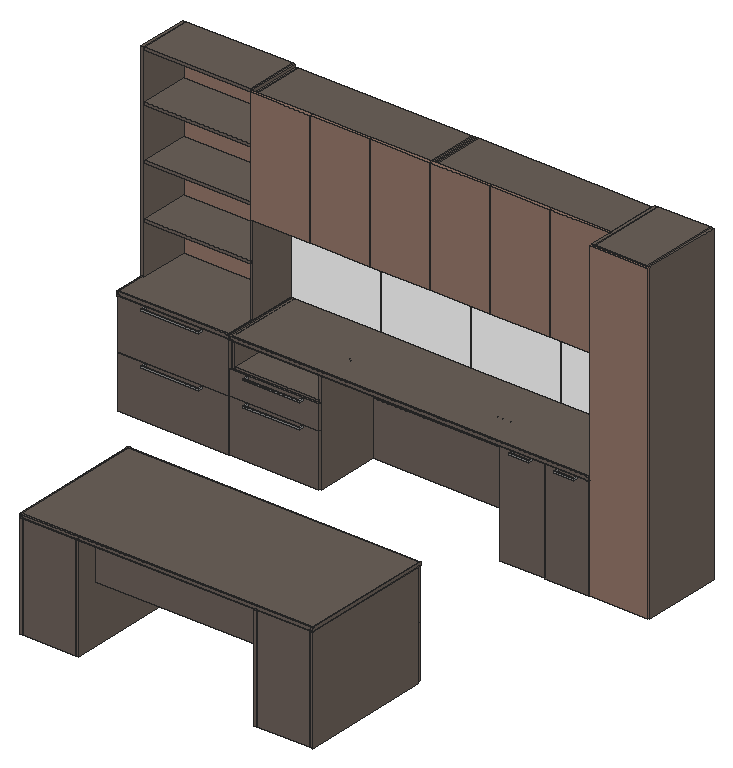
Revit family "OFS TYPICAL T100077", category Furniture, Revit 2022 (continued)
Definition of nested family "STAKS LATERAL FILE WITH TOP Two Drawers"
  Dimensions and locks (in)
    aligned and locked: Extrusion 4 to plane 16
    aligned and locked: plane 16 to Extrusion 3
    aligned and locked: Extrusion 3 to plane 11
    aligned and locked: Extrusion 4 to plane 17
    aligned and locked: Extrusion 1 sketch curve to plane 12
    aligned and locked: plane 13 to Extrusion 1 sketch curve
    aligned and locked: plane 19 to Extrusion 4
    aligned and locked: plane 3 to Extrusion 3
    aligned and locked: Extrusion 6 to plane 22
    aligned and locked: Extrusion 5 to plane 22
    aligned and locked: plane 23 to Extrusion 6
    aligned and locked: plane 23 to Extrusion 5
    aligned and locked: plane 21 to Extrusion 6
    aligned and locked: plane 21 to Extrusion 5
    aligned and locked: Extrusion 6 to plane 20
    aligned and locked: Extrusion 5 to plane 20
    aligned and locked: plane 24 to Extrusion 6
    aligned and locked: plane 7 to Extrusion 5
    aligned and locked: Extrusion 5 to plane 9
    aligned and locked: plane 3 to Extrusion 4
    aligned and locked: Extrusion 1 to plane 26
    aligned and locked: Extrusion 7 to plane 19
    aligned and locked: plane 3 to Extrusion 7
    aligned and locked: Extrusion 7 to plane 6
    aligned and locked: plane 3 to Extrusion 8
    aligned and locked: Extrusion 8 to plane 10
    aligned and locked: plane 28 to Extrusion 9
    aligned and locked: Extrusion 9 to plane 6
    aligned and locked: Extrusion 9 to plane 27
    aligned and locked: plane 12 to Extrusion 9
    aligned and locked: plane 19 to Extrusion 9
    aligned and locked: Extrusion 9 to plane 16
    aligned and locked: plane 3 to Extrusion 2
    aligned and locked: plane 8 to Extrusion 6
    aligned and locked: Extrusion 6 to plane 10
    aligned and locked: Extrusion 8 to plane 27
    aligned and locked: plane 12 to Extrusion 8
    aligned and locked: Extrusion 10 to plane 14
    aligned and locked: plane 15 to Extrusion 10
    aligned and locked: Extrusion 10 to plane 30
    aligned and locked: plane 31 to Extrusion 10
  Automatic sketch dimensions
    Extrusion 1 sketch curve to plane 26 = 0' - 0"
    Extrusion 1 sketch curve to plane 5 = 0' - 0"
    Extrusion 2 sketch curve to plane 13 = 0' - 0"
    Extrusion 2 sketch curve to plane 4 = 0' - 0"
    Extrusion 2 sketch curve to plane 12 = 0' - 0"
    Extrusion 3 sketch curve to plane 6 = 0' - 0"
    Extrusion 3 sketch curve to plane 11 = 0' - 0"
    Extrusion 3 sketch curve to plane 3 = 0' - 0"
    Extrusion 3 sketch curve to plane 16 = 0' - 0"
    Extrusion 4 sketch curve to plane 6 = 0' - 0"
    Extrusion 4 sketch curve to plane 3 = 0' - 0"
    Extrusion 4 sketch curve to plane 17 = 0' - 0"
    plane 27 to Extrusion 4 sketch curve = 0' - 0"
    plane 13 to Extrusion 5 sketch curve = 0' - 0"  (x2)
    Extrusion 5 sketch curve to plane 20 = 0' - 0"
    Extrusion 5 sketch curve to plane 21 = 0' - 0"
    Extrusion 5 sketch curve to plane 23 = 0' - 0"
    Extrusion 5 sketch curve to plane 22 = 0' - 0"
    plane 25 to Extrusion 5 sketch curve = 0' - 0"
    plane 24 to Extrusion 5 sketch curve = 0' - 0"
    plane 13 to Extrusion 6 sketch curve = 0' - 0"  (x2)
    Extrusion 6 sketch curve to plane 20 = 0' - 0"
    Extrusion 6 sketch curve to plane 21 = 0' - 0"
    Extrusion 6 sketch curve to plane 23 = 0' - 0"
    Extrusion 6 sketch curve to plane 22 = 0' - 0"
    plane 25 to Extrusion 6 sketch curve = 0' - 0"
    plane 24 to Extrusion 6 sketch curve = 0' - 0"
    plane 12 to Extrusion 7 sketch curve = 0' - 0"
    Extrusion 7 sketch curve to plane 18 = 0' - 0"
    plane 17 to Extrusion 7 sketch curve = 0' - 0"
    Extrusion 8 sketch curve to plane 10 = 0' - 0"
    Extrusion 8 sketch curve to plane 16 = 0' - 0"
    Extrusion 8 sketch curve to plane 3 = 0' - 0"
    Extrusion 8 sketch curve to plane 19 = 0' - 0"
    plane 14 to Extrusion 9 sketch curve = 0' - 0 9/16"
    Extrusion 9 sketch curve to plane 6 = 0' - 0"
    plane 6 to Extrusion 9 sketch curve = 0' - 0 3/4"
    Extrusion 9 sketch curve to plane 19 = 0' - 0"
    plane 4 to Extrusion 2 sketch curve = 1' - 1 1/2"
    plane 17 to Extrusion 10 sketch curve = 0' - 0 3/16"
    plane 12 to Extrusion 10 sketch curve = 0' - 0 9/16"
    plane 11 to Extrusion 10 sketch curve = 0' - 0 3/16"
    Extrusion 10 sketch curve to plane 18 = 0' - 0 3/16"
    profile plane to Sweep 11 sketch curve = 0' - 0 3/16"
    profile plane to Sweep 11 sketch curve = 0' - 0 3/32"
    Sweep 11 sketch curve to profile plane = 0' - 1 1/8"
    Sweep 11 sketch curve to profile plane = 0' - 0"  (x2)
    profile plane to Sweep 11 sketch curve = 0' - 0.09407"
Definition of nested family "STAKS WORKSURFACE HEIGHT PEDESTAL - BOX-BOX-FILE - NO RISER SUPPORT"
  Parameters (values of type "STAKS WORKSURFACE HEIGHT PEDESTAL - BOX-BOX-FILE - NO RISER SUPPORT 19in D")
    URL = "http://www.ofs.com/"
    Riser Support = 0' - 0"
    Model = "6-NW1619MPD1"
    Manufacturer = "OFS"
    Height = 2' - 3 7/8"
    Drawer Material = none
    Drawer Handle Width = 0' - 5 7/16"
    Drawer Handle Material = none
    Description = "OFS STAKS WORKSURFACE HEIGHT PEDESTAL - BOX-BOX-FILE - NO RISER SUPPORT 19\" D, Two Box Drawers, Use with 22\"D Worksurfaces"
    Width = 1' - 3 5/8"
    Depth = 1' - 7 3/8"
    Default Elevation = 0' - 0"
    DH2 = 0' - 6 1/2"
    DH1 = 1' - 2 3/8"
    Copyright © = "© 2018 OFS"
    Chasis Material = none
    Catalog = "https://ofs.com/products/casegoods/private-office/staks"
    Board Thickness = 0' - 0 3/4"
    Authoring Version = "Autodesk Revit Architecture 2013"
    Assembly Code = "E2020200"
  Types (6): name | Model | Description | Depth
    STAKS WORKSURFACE HEIGHT PEDESTAL - BOX-BOX-FILE - NO RISER SUPPORT 19in D | "6-NW1619MPD1" | "OFS STAKS WORKSURFACE HEIGHT PEDESTAL - BOX-BOX-FILE - NO RISER SUPPORT 19\" D, Two Box Drawers, Use with 22\"D Worksurfaces" | 1' - 7 3/8"
    STAKS WORKSURFACE HEIGHT PEDESTAL - BOX-BOX-FILE - NO RISER SUPPORT 22in D | "6-NW1622MPD1" | "OFS STAKS WORKSURFACE HEIGHT PEDESTAL - BOX-BOX-FILE - NO RISER SUPPORT 22\" D, Two Box Drawers, Use with 22\"D Worksurfaces" | 1' - 9 7/8"
    STAKS WORKSURFACE HEIGHT PEDESTAL - BOX-BOX-FILE - NO RISER SUPPORT 27in D | "6-NW1627MPD1" | "OFS STAKS WORKSURFACE HEIGHT PEDESTAL - BOX-BOX-FILE - NO RISER SUPPORT 27\" D, Two Box Drawers, Use with 30\"D Worksurfaces" | 2' - 3 3/8"
    STAKS WORKSURFACE HEIGHT PEDESTAL - BOX-BOX-FILE - NO RISER SUPPORT 30in D | "6-NW1630MPD1" | "OFS STAKS WORKSURFACE HEIGHT PEDESTAL - BOX-BOX-FILE - NO RISER SUPPORT 30\" D, Two Box Drawers, Use with 30\"D Worksurfaces" | 2' - 5 7/8"
    STAKS WORKSURFACE HEIGHT PEDESTAL - BOX-BOX-FILE - NO RISER SUPPORT 33in D | "6-NW1633MPD1" | "OFS STAKS WORKSURFACE HEIGHT PEDESTAL - BOX-BOX-FILE - NO RISER SUPPORT 33\" D, Two Box Drawers, Use with 36\"D Worksurfaces" | 2' - 9 3/8"
    STAKS WORKSURFACE HEIGHT PEDESTAL - BOX-BOX-FILE - NO RISER SUPPORT 36in D | "6-NW1636MPD1" | "OFS STAKS WORKSURFACE HEIGHT PEDESTAL - BOX-BOX-FILE - NO RISER SUPPORT 36\" D, Two Box Drawers, Use with 36\"D Worksurfaces" | 2' - 11 7/8"
  Reference planes (in)
    plane 1: z = 0
    plane 2 "Right": x = 20.97711
    plane 3: z = 27.875
    plane 4: z = 14.375
    plane 5: z = 14.25
    plane 6: z = 0
    plane 7: z = 14
    plane 8: z = 27.625
    plane 9: z = 13.531
    plane 10: z = 27.15625
    plane 11: x = 13.16461
    plane 12: y = 1.37535
    plane 13: y = 0.62535
    plane 14: x = 13.22711
    plane 15: x = 28.72661
    plane 16: x = 13.91461
    plane 17: y = 20.00035
    plane 18: x = 28.78961
    plane 19: x = 28.03961
    plane 20: x = 18.25836
    plane 21: x = 18.63336
    plane 22: x = 23.69586
    plane 23: x = 23.32086
    plane 24: y = -0.18715
    plane 25: y = -0.37465
    plane 26: z = 20.875
    plane 27: z = 20.75
    plane 28: z = 20.5
    plane 29: z = 20.031
    plane 30: z = 0.25
    plane 31: y = 19.25035
    plane 32: z = 0.75
    plane 33: y = 16.75035
    plane 34: y = 4.37535
    plane 35: y = 8.37535
    plane 36: y = 12.75035
    plane 37: y = 5.00035
    plane 38: y = 13.37535
    plane 39: z = 28
  Forms (in)
    Extrusion 1, solid, material <- "Drawer Material"
      sketch origin (20.35211, 5, -13.1802) x (0, 1, 0) y (0, 0, 1)
        loop
          line (-4.37465, 27.4302) -> (-4.37465, 13.4302) -> (-3.62465, 13.4302) -> (-3.62465, 27.4302) -> (-4.37465, 27.4302)
      from -7.125 to 8.3745
    Extrusion 2, solid, material <- "Drawer Material"
      sketch origin (20.35211, 2.25, -7.68015) x (0, 1, 0) y (0, 0, 1)
        loop
          line (-1.62465, 28.43015) -> (-1.62465, 22.05515) -> (-0.87465, 22.05515) -> (-0.87465, 28.43015) -> (-1.62465, 28.43015)
      from -7.125 to 8.3745
    Extrusion 3, solid, material <- "Chasis Material"
      sketch origin (-3, -1.24965, 0) x (1, 0, 0) y (0, 0, 1)
        loop
          line (16.16461, 0) -> (16.91461, 0) -> (16.91461, 27.875) -> (16.16461, 27.875) -> (16.16461, 0)
      from -21.25 to -2.625
    Extrusion 4, solid, material <- "Chasis Material"
      sketch origin (19.35211, 31.02324, 0) x (0, 1, 0) y (0, 0, 1)
        loop
          line (-11.77289, 0) -> (-11.02289, 0) -> (-11.02289, 27.875) -> (-11.77289, 27.875) -> (-11.77289, 0)
      from -5.4375 to 8.6875
    Extrusion 5, solid, material <- "Drawer Handle Material"
      sketch origin (9, 0, 9.60933) x (1, 0, 0) y (0, 1, 0)
        loop
          line (9.25836, 0.62535) -> (9.25836, -0.37465) -> (14.69586, -0.37465) -> (14.69586, 0.62535) -> (14.32086, 0.62535) -> (14.32086, -0.18715) -> (9.63336, -0.18715) -> (9.63336, 0.62535) -> (9.25836, 0.62535)
      from 3.92167 to 4.39067
    Extrusion 6, solid, material <- "Drawer Handle Material"
      sketch origin (9, 0, 20.67137) x (1, 0, 0) y (0, 1, 0)
        loop
          line (9.25836, 0.62535) -> (9.25836, -0.37465) -> (14.69586, -0.37465) -> (14.69586, 0.62535) -> (14.32086, 0.62535) -> (14.32086, -0.18715) -> (9.63336, -0.18715) -> (9.63336, 0.62535) -> (9.25836, 0.62535)
      from -0.64037 to -0.17137
    Extrusion 7, solid, material <- "Chasis Material"
      sketch origin (0, 0, 0) x (1, 0, 0) y (0, 1, 0)
        loop
          line (28.78961, 20.00035) -> (28.03961, 20.00035) -> (28.03961, 1.37535) -> (28.78961, 1.37535) -> (28.78961, 20.00035)
      from 0 to 27.875
    Extrusion 8, solid, material <- "Drawer Material"
      sketch origin (20.35211, 2.25, 0.06985) x (0, 1, 0) y (0, 0, 1)
        loop
          line (-1.62465, 27.80515) -> (-1.62465, 20.80515) -> (-0.87465, 20.80515) -> (-0.87465, 27.80515) -> (-1.62465, 27.80515)
      from -7.125 to 8.3745
    Extrusion 9, solid, material <- "Drawer Handle Material"
      sketch origin (9, 0, 28.42137) x (1, 0, 0) y (0, 1, 0)
        loop
          line (9.25836, 0.62535) -> (9.25836, -0.37465) -> (14.69586, -0.37465) -> (14.69586, 0.62535) -> (14.32086, 0.62535) -> (14.32086, -0.18715) -> (9.63336, -0.18715) -> (9.63336, 0.62535) -> (9.25836, 0.62535)
      from -1.26512 to -0.79637
    Extrusion 10, solid, material <- "Chasis Material"
      sketch origin (-29.79592, -1.62465, 7.24693) x (1, 0, 0) y (0, 0, 1)
        loop
          line (43.71054, 19.90932) -> (57.83554, 19.90932) -> (57.83554, 20.62807) -> (43.71054, 20.62807) -> (43.71054, 19.90932)
      from -18.375 to -14.375
    Extrusion 11, solid, material <- "Chasis Material"
      sketch origin (-29.79592, -7.12465, 7.24693) x (1, 0, 0) y (0, 0, 1)
        loop
          line (43.71054, 19.90932) -> (57.83554, 19.90932) -> (57.83554, 20.62807) -> (43.71054, 20.62807) -> (43.71054, 19.90932)
      from -15.5 to -11.5
    Extrusion 12, solid, material <- "Chasis Material"
      sketch origin (-31.5409, -1.62465, -42.72261) x (1, 0, 0) y (0, 0, 1)
        loop
          line (45.45551, 42.72261) -> (59.58051, 42.72261) -> (59.58051, 43.47261) -> (45.45551, 43.47261) -> (45.45551, 42.72261)
      from -20.875 to -3
    Extrusion 13, solid
      sketch origin (0, 0, 0) x (1, 0, 0) y (0, 1, 0)
        loop
          line (28.72661, 20.00035) -> (28.03961, 20.00035) -> (28.03961, 13.37535) -> (13.91461, 13.37535) -> (13.91461, 20.00035) -> (13.22711, 20.00035) -> (13.22711, 0.62535) -> (13.91461, 0.62535) -> (13.91461, 4.37535) -> (28.03961, 4.37535) -> (28.03961, 0.62535) -> (28.72661, 0.62535) -> (28.72661, 20.00035)
        loop
          line (28.03961, 5.00035) -> (28.03961, 12.75035) -> (13.91461, 12.75035) -> (13.91461, 5.00035) -> (28.03961, 5.00035)
      from 27.875 to 28
  Dimensions and locks (in)
    "Board Thickness": plane 13 to plane 12
    locked: plane 11 to plane 14 at 0.0625
    "Board Thickness": plane 11 to plane 16
    locked: plane 15 to plane 18 at 0.063
    "Width": plane 11 to plane 18
    Extrusion 7 sketch curve to plane 18 = 0' - 0 3/4"
    "Board Thickness": plane 19 to plane 18
    equal spacing: plane 11, plane 2 "Right", plane 18
    locked: plane 20 to plane 21 at 0.375
    locked: plane 23 to plane 22 at 0.375
    equal spacing: plane 20, plane 2 "Right", plane 22
    "Drawer Handle Width": plane 20 to plane 22
    plane 25 to plane 24 to plane 13 = 0' - 0 3/16" locked, 0' - 0 13/16" locked
    "Riser Support": plane 6 to level
    "Height": plane 3 to plane 6
    "DH1": plane 4 to plane 6
    "DH2": plane 26 to plane 4
    locked: plane 30 to plane 6 at 0.25
    "Board Thickness": plane 31 to plane 17
    "Depth": plane 13 to plane 17
    plane 4 to plane 5 to plane 7 to plane 9 = 0' - 0 1/8" locked, 0' - 0 1/4" locked, 0' - 0.469" locked
    plane 26 to plane 27 to plane 28 to plane 29 = 0' - 0 1/8" locked, 0' - 0 1/4" locked, 0' - 0.469" locked
    plane 3 to plane 8 to plane 10 = 0' - 0 1/4" locked, 0' - 0 15/32" locked
    "Board Thickness": plane 32 to plane 6
    plane 12 to plane 34 to plane 35 = 0' - 3" locked, 0' - 4" locked
    plane 36 to plane 33 to plane 31 = 0' - 4" locked, 0' - 2 1/2" locked
    locked: plane 34 to plane 37 at 0.625
    locked: plane 36 to plane 38 at 0.625
    locked: plane 39 to plane 3 at 0.125
    aligned and locked: level to plane 1
    aligned and locked: Extrusion 1 to plane 14
    aligned and locked: plane 15 to Extrusion 1
    aligned and locked: Extrusion 2 to plane 12
    aligned and locked: plane 13 to Extrusion 2
    aligned and locked: plane 15 to Extrusion 2
    aligned and locked: Extrusion 2 to plane 14
    aligned and locked: plane 12 to Extrusion 3
    aligned and locked: Extrusion 3 to plane 17
    aligned and locked: Extrusion 4 to plane 16
    aligned and locked: plane 16 to Extrusion 3
    aligned and locked: Extrusion 3 to plane 11
    aligned and locked: Extrusion 4 to plane 17
    aligned and locked: Extrusion 1 sketch curve to plane 12
    aligned and locked: plane 13 to Extrusion 1 sketch curve
    aligned and locked: plane 19 to Extrusion 4
    aligned and locked: plane 3 to Extrusion 3
    aligned and locked: Extrusion 6 to plane 22
    aligned and locked: Extrusion 5 to plane 22
    aligned and locked: plane 23 to Extrusion 6
    aligned and locked: plane 23 to Extrusion 5
    aligned and locked: plane 21 to Extrusion 6
    aligned and locked: plane 21 to Extrusion 5
    aligned and locked: Extrusion 6 to plane 20
    aligned and locked: Extrusion 5 to plane 20
    aligned and locked: plane 24 to Extrusion 6
    aligned and locked: plane 7 to Extrusion 5
    aligned and locked: Extrusion 5 to plane 9
    aligned and locked: plane 3 to Extrusion 4
    aligned and locked: plane 27 to Extrusion 2
    aligned and locked: Extrusion 6 to plane 29
    aligned and locked: plane 28 to Extrusion 6
    aligned and locked: Extrusion 1 to plane 30
    aligned and locked: Extrusion 8 to plane 26
    aligned and locked: plane 3 to Extrusion 8
    aligned and locked: Extrusion 9 to plane 10
    aligned and locked: plane 8 to Extrusion 9
    aligned and locked: Extrusion 7 to plane 19
    aligned and locked: Extrusion 8 to plane 14
    aligned and locked: plane 15 to Extrusion 8
    aligned and locked: plane 3 to Extrusion 7
    aligned and locked: Extrusion 7 to plane 6
    aligned and locked: plane 3 to Extrusion 10
    aligned and locked: Extrusion 10 to plane 10
    aligned and locked: plane 19 to Extrusion 10
    aligned and locked: Extrusion 10 to plane 16
    aligned and locked: Extrusion 10 to plane 33
    aligned and locked: plane 36 to Extrusion 10
    aligned and locked: plane 34 to Extrusion 11
    aligned and locked: Extrusion 11 to plane 35
    aligned and locked: plane 3 to Extrusion 11
    aligned and locked: Extrusion 11 to plane 10
    aligned and locked: plane 32 to Extrusion 12
    aligned and locked: Extrusion 12 to plane 6
    aligned and locked: Extrusion 12 to plane 31
    aligned and locked: plane 12 to Extrusion 12
    aligned and locked: plane 19 to Extrusion 12
    aligned and locked: Extrusion 12 to plane 16
    aligned and locked: Extrusion 13 to plane 3
    aligned and locked: plane 39 to Extrusion 13
  Automatic sketch dimensions
    Extrusion 1 sketch curve to plane 30 = 0' - 0"
    Extrusion 1 sketch curve to plane 5 = 0' - 0"
    Extrusion 2 sketch curve to plane 13 = 0' - 0"
    Extrusion 2 sketch curve to plane 4 = 0' - 0"
    Extrusion 2 sketch curve to plane 12 = 0' - 0"
    Extrusion 2 sketch curve to plane 27 = 0' - 0"
    Extrusion 3 sketch curve to plane 6 = 0' - 0"
    Extrusion 3 sketch curve to plane 11 = 0' - 0"
    Extrusion 3 sketch curve to plane 3 = 0' - 0"
    Extrusion 3 sketch curve to plane 16 = 0' - 0"
    Extrusion 4 sketch curve to plane 6 = 0' - 0"
    Extrusion 4 sketch curve to plane 3 = 0' - 0"
    Extrusion 4 sketch curve to plane 17 = 0' - 0"
    plane 31 to Extrusion 4 sketch curve = 0' - 0"
    plane 13 to Extrusion 5 sketch curve = 0' - 0"  (x2)
    Extrusion 5 sketch curve to plane 20 = 0' - 0"
    Extrusion 5 sketch curve to plane 21 = 0' - 0"
    Extrusion 5 sketch curve to plane 23 = 0' - 0"
    Extrusion 5 sketch curve to plane 22 = 0' - 0"
    plane 25 to Extrusion 5 sketch curve = 0' - 0"
    plane 24 to Extrusion 5 sketch curve = 0' - 0"
    plane 13 to Extrusion 6 sketch curve = 0' - 0"  (x2)
    Extrusion 6 sketch curve to plane 20 = 0' - 0"
    Extrusion 6 sketch curve to plane 21 = 0' - 0"
    Extrusion 6 sketch curve to plane 23 = 0' - 0"
    Extrusion 6 sketch curve to plane 22 = 0' - 0"
    plane 25 to Extrusion 6 sketch curve = 0' - 0"
    plane 24 to Extrusion 6 sketch curve = 0' - 0"
    plane 12 to Extrusion 7 sketch curve = 0' - 0"
    Extrusion 7 sketch curve to plane 18 = 0' - 0"
    plane 17 to Extrusion 7 sketch curve = 0' - 0"
    Extrusion 8 sketch curve to plane 3 = 0' - 0"
    Extrusion 8 sketch curve to plane 13 = 0' - 0"
    Extrusion 8 sketch curve to plane 12 = 0' - 0"
    Extrusion 8 sketch curve to plane 26 = 0' - 0"
    plane 13 to Extrusion 9 sketch curve = 0' - 0"  (x2)
    Extrusion 9 sketch curve to plane 20 = 0' - 0"
    Extrusion 9 sketch curve to plane 21 = 0' - 0"
    Extrusion 9 sketch curve to plane 23 = 0' - 0"
    Extrusion 9 sketch curve to plane 22 = 0' - 0"
    plane 25 to Extrusion 9 sketch curve = 0' - 0"
    plane 24 to Extrusion 9 sketch curve = 0' - 0"
    Extrusion 10 sketch curve to plane 10 = 0' - 0"
    Extrusion 10 sketch curve to plane 16 = 0' - 0"
    Extrusion 10 sketch curve to plane 3 = 0' - 0"
    Extrusion 10 sketch curve to plane 19 = 0' - 0"
    Extrusion 11 sketch curve to plane 10 = 0' - 0"
    Extrusion 11 sketch curve to plane 16 = 0' - 0"
    Extrusion 11 sketch curve to plane 3 = 0' - 0"
    Extrusion 11 sketch curve to plane 19 = 0' - 0"
    plane 14 to Extrusion 12 sketch curve = 0' - 0 11/16"
    Extrusion 12 sketch curve to plane 6 = 0' - 0"
    plane 6 to Extrusion 12 sketch curve = 0' - 0 3/4"
    Extrusion 12 sketch curve to plane 19 = 0' - 0"
    Extrusion 13 sketch curve to plane 14 = 0' - 0"
    Extrusion 13 sketch curve to plane 19 = 0' - 0"  (x2)
    Extrusion 13 sketch curve to plane 15 = 0' - 0"
    plane 13 to Extrusion 13 sketch curve = 0' - 0"  (x2)
    Extrusion 13 sketch curve to plane 34 = 0' - 0"
    Extrusion 13 sketch curve to plane 37 = 0' - 0"
    Extrusion 13 sketch curve to plane 38 = 0' - 0"
    Extrusion 13 sketch curve to plane 36 = 0' - 0"
    Extrusion 13 sketch curve to Extrusion 13 sketch curve = 0' - 0"  (x2)
    Extrusion 13 sketch curve to plane 16 = 0' - 0"  (x2)
    plane 17 to Extrusion 13 sketch curve = 0' - 0"  (x2)
Definition of nested family "STAKS WORKSURFACE HEIGHT PEDESTAL - FILE-FILE - NO RISER SUPPORT"
  Parameters (values of type "STAKS WORKSURFACE HEIGHT PEDESTAL - FILE-FILE - NO RISER SUPPORT 19in D")
    URL = "http://www.ofs.com/"
    Riser Support = 0' - 0"
    Model = "6-NW1619MPD3"
    Manufacturer = "OFS"
    Height = 2' - 3 7/8"
    Drawer Material = none
    Drawer Handle Width = 0' - 5 7/16"
    Drawer Handle Material = none
    Description = "OFS STAKS WORKSURFACE HEIGHT PEDESTAL - FILE-FILE - NO RISER SUPPORT 19\" D, Two File Drawers, Use with 22\"D Worksurfaces"
    Width = 1' - 3 5/8"
    Depth = 1' - 7 3/8"
    Default Elevation = 0' - 0"
    DH2 = 0' - 6 1/2"
    DH1 = 1' - 2 3/8"
    Copyright © = "© 2018 OFS"
    Chasis Material = none
    Catalog = "https://ofs.com/products/casegoods/private-office/staks"
    Board Thickness = 0' - 0 3/4"
    Authoring Version = "Autodesk Revit Architecture 2013"
    Assembly Code = "E2020200"
  Types (6): name | Model | Description | Depth
    STAKS WORKSURFACE HEIGHT PEDESTAL - FILE-FILE - NO RISER SUPPORT 19in D | "6-NW1619MPD3" | "OFS STAKS WORKSURFACE HEIGHT PEDESTAL - FILE-FILE - NO RISER SUPPORT 19\" D, Two File Drawers, Use with 22\"D Worksurfaces" | 1' - 7 3/8"
    STAKS WORKSURFACE HEIGHT PEDESTAL - FILE-FILE - NO RISER SUPPORT 22in D | "6-NW1622MPD3" | "OFS STAKS WORKSURFACE HEIGHT PEDESTAL - FILE-FILE - NO RISER SUPPORT 22\" D, Two File Drawers, Use with 22\"D Worksurfaces" | 1' - 9 7/8"
    STAKS WORKSURFACE HEIGHT PEDESTAL - FILE-FILE - NO RISER SUPPORT 27in D | "6-NW1627MPD3" | "OFS STAKS WORKSURFACE HEIGHT PEDESTAL - FILE-FILE - NO RISER SUPPORT 27\" D, Two File Drawers, Use with 30\"D Worksurfaces" | 2' - 3 3/8"
    STAKS WORKSURFACE HEIGHT PEDESTAL - FILE-FILE - NO RISER SUPPORT 30in D | "6-NW1630MPD3" | "OFS STAKS WORKSURFACE HEIGHT PEDESTAL - FILE-FILE - NO RISER SUPPORT 30\" D, Two File Drawers, Use with 30\"D Worksurfaces" | 2' - 5 7/8"
    STAKS WORKSURFACE HEIGHT PEDESTAL - FILE-FILE - NO RISER SUPPORT 33in D | "6-NW1633MPD3" | "OFS STAKS WORKSURFACE HEIGHT PEDESTAL - FILE-FILE - NO RISER SUPPORT 33\" D, Two File Drawers, Use with 36\"D Worksurfaces" | 2' - 9 3/8"
    STAKS WORKSURFACE HEIGHT PEDESTAL - FILE-FILE - NO RISER SUPPORT 36in D | "6-NW1636MPD3" | "OFS STAKS WORKSURFACE HEIGHT PEDESTAL - FILE-FILE - NO RISER SUPPORT 36\" D, Two File Drawers, Use with 36\"D Worksurfaces" | 2' - 11 7/8"
  Reference planes (in)
    plane 1: z = 0
    plane 2 "Right": x = 20.97711
    plane 3: z = 27.875
    plane 4: z = 14.375
    plane 5: z = 14.25
    plane 6: z = 0
    plane 7: z = 14
    plane 8: z = 27.625
    plane 9: z = 13.531
    plane 10: z = 27.15625
    plane 11: x = 13.16461
    plane 12: y = 1.37535
    plane 13: y = 0.62535
    plane 14: x = 13.22711
    plane 15: x = 28.72661
    plane 16: x = 13.91461
    plane 17: y = 20.00035
    plane 18: x = 28.78961
    plane 19: x = 28.03961
    plane 20: x = 18.25836
    plane 21: x = 18.63336
    plane 22: x = 23.69586
    plane 23: x = 23.32086
    plane 24: y = -0.18715
    plane 25: y = -0.37465
    plane 26: z = 0.25
    plane 27: y = 19.25035
    plane 28: z = 0.75
    plane 29: y = 16.75035
    plane 30: y = 4.37535
    plane 31: y = 8.37535
    plane 32: y = 12.75035
    plane 33: y = 5.00035
    plane 34: y = 13.37535
    plane 35: z = 28
  Forms (in)
    Extrusion 1, solid, material <- "Drawer Material"
      sketch origin (20.35211, 5, -13.1802) x (0, 1, 0) y (0, 0, 1)
        loop
          line (-4.37465, 27.4302) -> (-4.37465, 13.4302) -> (-3.62465, 13.4302) -> (-3.62465, 27.4302) -> (-4.37465, 27.4302)
      from -7.125 to 8.3745
    Extrusion 2, solid, material <- "Drawer Material"
      sketch origin (20.35211, 2.25, -7.68015) x (0, 1, 0) y (0, 0, 1)
        loop
          line (-1.62465, 35.55515) -> (-1.62465, 22.05515) -> (-0.87465, 22.05515) -> (-0.87465, 35.55515) -> (-1.62465, 35.55515)
      from -7.125 to 8.3745
    Extrusion 3, solid, material <- "Chasis Material"
      sketch origin (-3, -1.24965, 0) x (1, 0, 0) y (0, 0, 1)
        loop
          line (16.16461, 0) -> (16.91461, 0) -> (16.91461, 27.875) -> (16.16461, 27.875) -> (16.16461, 0)
      from -21.25 to -2.625
    Extrusion 4, solid, material <- "Chasis Material"
      sketch origin (19.35211, 31.02324, 0) x (0, 1, 0) y (0, 0, 1)
        loop
          line (-11.77289, 0) -> (-11.02289, 0) -> (-11.02289, 27.875) -> (-11.77289, 27.875) -> (-11.77289, 0)
      from -5.4375 to 8.6875
    Extrusion 5, solid, material <- "Drawer Handle Material"
      sketch origin (9, 0, 9.60933) x (1, 0, 0) y (0, 1, 0)
        loop
          line (9.25836, 0.62535) -> (9.25836, -0.37465) -> (14.69586, -0.37465) -> (14.69586, 0.62535) -> (14.32086, 0.62535) -> (14.32086, -0.18715) -> (9.63336, -0.18715) -> (9.63336, 0.62535) -> (9.25836, 0.62535)
      from 3.92167 to 4.39067
    Extrusion 6, solid, material <- "Drawer Handle Material"
      sketch origin (9, 0, 20.67137) x (1, 0, 0) y (0, 1, 0)
        loop
          line (9.25836, 0.62535) -> (9.25836, -0.37465) -> (14.69586, -0.37465) -> (14.69586, 0.62535) -> (14.32086, 0.62535) -> (14.32086, -0.18715) -> (9.63336, -0.18715) -> (9.63336, 0.62535) -> (9.25836, 0.62535)
      from 6.48488 to 6.95363
    Extrusion 7, solid, material <- "Chasis Material"
      sketch origin (0, 0, 0) x (1, 0, 0) y (0, 1, 0)
        loop
          line (28.78961, 20.00035) -> (28.03961, 20.00035) -> (28.03961, 1.37535) -> (28.78961, 1.37535) -> (28.78961, 20.00035)
      from 0 to 27.875
    Extrusion 8, solid, material <- "Chasis Material"
      sketch origin (-29.79592, -1.62465, 7.24693) x (1, 0, 0) y (0, 0, 1)
        loop
          line (43.71054, 19.90932) -> (57.83554, 19.90932) -> (57.83554, 20.62807) -> (43.71054, 20.62807) -> (43.71054, 19.90932)
      from -18.375 to -14.375
    Extrusion 9, solid, material <- "Chasis Material"
      sketch origin (-29.79592, -7.12465, 7.24693) x (1, 0, 0) y (0, 0, 1)
        loop
          line (43.71054, 19.90932) -> (57.83554, 19.90932) -> (57.83554, 20.62807) -> (43.71054, 20.62807) -> (43.71054, 19.90932)
      from -15.5 to -11.5
    Extrusion 10, solid, material <- "Chasis Material"
      sketch origin (-31.5409, -1.62465, -42.72261) x (1, 0, 0) y (0, 0, 1)
        loop
          line (45.45551, 42.72261) -> (59.58051, 42.72261) -> (59.58051, 43.47261) -> (45.45551, 43.47261) -> (45.45551, 42.72261)
      from -20.875 to -3
    Extrusion 11, solid
      sketch origin (0, 0, 0) x (1, 0, 0) y (0, 1, 0)
        loop
          line (28.72661, 20.00035) -> (28.03961, 20.00035) -> (28.03961, 13.37535) -> (13.91461, 13.37535) -> (13.91461, 20.00035) -> (13.22711, 20.00035) -> (13.22711, 1.37535) -> (13.91461, 1.37535) -> (13.91461, 4.37535) -> (28.03961, 4.37535) -> (28.03961, 1.37535) -> (28.72661, 1.37535) -> (28.72661, 20.00035)
        loop
          line (28.03961, 5.00035) -> (28.03961, 12.75035) -> (13.91461, 12.75035) -> (13.91461, 5.00035) -> (28.03961, 5.00035)
      from 27.875 to 28
  Dimensions and locks (in)
    "Board Thickness": plane 13 to plane 12
    locked: plane 11 to plane 14 at 0.0625
    "Board Thickness": plane 11 to plane 16
    locked: plane 15 to plane 18 at 0.063
    "Width": plane 11 to plane 18
    Extrusion 7 sketch curve to plane 18 = 0' - 0 3/4"
    "Board Thickness": plane 19 to plane 18
    equal spacing: plane 11, plane 2 "Right", plane 18
    locked: plane 20 to plane 21 at 0.375
    locked: plane 23 to plane 22 at 0.375
    equal spacing: plane 20, plane 2 "Right", plane 22
    "Drawer Handle Width": plane 20 to plane 22
    plane 25 to plane 24 to plane 13 = 0' - 0 3/16" locked, 0' - 0 13/16" locked
    "Riser Support": plane 6 to level
    "Height": plane 3 to plane 6
    "DH1": plane 4 to plane 6
    locked: plane 26 to plane 6 at 0.25
    "Board Thickness": plane 27 to plane 17
    "Depth": plane 13 to plane 17
    plane 4 to plane 5 to plane 7 to plane 9 = 0' - 0 1/8" locked, 0' - 0 1/4" locked, 0' - 0.469" locked
    plane 3 to plane 8 to plane 10 = 0' - 0 1/4" locked, 0' - 0 15/32" locked
    "Board Thickness": plane 28 to plane 6
    plane 12 to plane 30 to plane 31 = 0' - 3" locked, 0' - 4" locked
    plane 32 to plane 29 to plane 27 = 0' - 4" locked, 0' - 2 1/2" locked
    locked: plane 30 to plane 33 at 0.625
    locked: plane 32 to plane 34 at 0.625
    locked: plane 35 to plane 3 at 0.125
    aligned and locked: level to plane 1
    aligned and locked: Extrusion 1 to plane 14
    aligned and locked: plane 15 to Extrusion 1
    aligned and locked: Extrusion 2 to plane 12
    aligned and locked: plane 13 to Extrusion 2
    aligned and locked: plane 15 to Extrusion 2
    aligned and locked: Extrusion 2 to plane 14
    aligned and locked: plane 12 to Extrusion 3
    aligned and locked: Extrusion 3 to plane 17
    aligned and locked: Extrusion 4 to plane 16
    aligned and locked: plane 16 to Extrusion 3
    aligned and locked: Extrusion 3 to plane 11
    aligned and locked: Extrusion 4 to plane 17
    aligned and locked: Extrusion 1 sketch curve to plane 12
    aligned and locked: plane 13 to Extrusion 1 sketch curve
    aligned and locked: plane 19 to Extrusion 4
    aligned and locked: plane 3 to Extrusion 3
    aligned and locked: Extrusion 6 to plane 22
    aligned and locked: Extrusion 5 to plane 22
    aligned and locked: plane 23 to Extrusion 6
    aligned and locked: plane 23 to Extrusion 5
    aligned and locked: plane 21 to Extrusion 6
    aligned and locked: plane 21 to Extrusion 5
    aligned and locked: Extrusion 6 to plane 20
    aligned and locked: Extrusion 5 to plane 20
    aligned and locked: plane 24 to Extrusion 6
    aligned and locked: plane 7 to Extrusion 5
    aligned and locked: Extrusion 5 to plane 9
    aligned and locked: plane 3 to Extrusion 4
    aligned and locked: Extrusion 1 to plane 26
    aligned and locked: Extrusion 7 to plane 19
    aligned and locked: plane 3 to Extrusion 7
    aligned and locked: Extrusion 7 to plane 6
    aligned and locked: plane 3 to Extrusion 8
    aligned and locked: Extrusion 8 to plane 10
    aligned and locked: plane 19 to Extrusion 8
    aligned and locked: Extrusion 8 to plane 16
    aligned and locked: Extrusion 8 to plane 29
    aligned and locked: plane 32 to Extrusion 8
    aligned and locked: plane 30 to Extrusion 9
    aligned and locked: Extrusion 9 to plane 31
    aligned and locked: plane 3 to Extrusion 9
    aligned and locked: Extrusion 9 to plane 10
    aligned and locked: plane 28 to Extrusion 10
    aligned and locked: Extrusion 10 to plane 6
    aligned and locked: Extrusion 10 to plane 27
    aligned and locked: plane 12 to Extrusion 10
    aligned and locked: plane 19 to Extrusion 10
    aligned and locked: Extrusion 10 to plane 16
    aligned and locked: Extrusion 11 to plane 3
    aligned and locked: plane 35 to Extrusion 11
    aligned and locked: plane 3 to Extrusion 2
    aligned and locked: plane 8 to Extrusion 6
    aligned and locked: Extrusion 6 to plane 10
  Automatic sketch dimensions
    Extrusion 1 sketch curve to plane 26 = 0' - 0"
    Extrusion 1 sketch curve to plane 5 = 0' - 0"
    Extrusion 2 sketch curve to plane 13 = 0' - 0"
    Extrusion 2 sketch curve to plane 4 = 0' - 0"
    Extrusion 2 sketch curve to plane 12 = 0' - 0"
    Extrusion 3 sketch curve to plane 6 = 0' - 0"
    Extrusion 3 sketch curve to plane 11 = 0' - 0"
    Extrusion 3 sketch curve to plane 3 = 0' - 0"
    Extrusion 3 sketch curve to plane 16 = 0' - 0"
    Extrusion 4 sketch curve to plane 6 = 0' - 0"
    Extrusion 4 sketch curve to plane 3 = 0' - 0"
    Extrusion 4 sketch curve to plane 17 = 0' - 0"
    plane 27 to Extrusion 4 sketch curve = 0' - 0"
    plane 13 to Extrusion 5 sketch curve = 0' - 0"  (x2)
    Extrusion 5 sketch curve to plane 20 = 0' - 0"
    Extrusion 5 sketch curve to plane 21 = 0' - 0"
    Extrusion 5 sketch curve to plane 23 = 0' - 0"
    Extrusion 5 sketch curve to plane 22 = 0' - 0"
    plane 25 to Extrusion 5 sketch curve = 0' - 0"
    plane 24 to Extrusion 5 sketch curve = 0' - 0"
    plane 13 to Extrusion 6 sketch curve = 0' - 0"  (x2)
    Extrusion 6 sketch curve to plane 20 = 0' - 0"
    Extrusion 6 sketch curve to plane 21 = 0' - 0"
    Extrusion 6 sketch curve to plane 23 = 0' - 0"
    Extrusion 6 sketch curve to plane 22 = 0' - 0"
    plane 25 to Extrusion 6 sketch curve = 0' - 0"
    plane 24 to Extrusion 6 sketch curve = 0' - 0"
    plane 12 to Extrusion 7 sketch curve = 0' - 0"
    Extrusion 7 sketch curve to plane 18 = 0' - 0"
    plane 17 to Extrusion 7 sketch curve = 0' - 0"
    Extrusion 8 sketch curve to plane 10 = 0' - 0"
    Extrusion 8 sketch curve to plane 16 = 0' - 0"
    Extrusion 8 sketch curve to plane 3 = 0' - 0"
    Extrusion 8 sketch curve to plane 19 = 0' - 0"
    Extrusion 9 sketch curve to plane 10 = 0' - 0"
    Extrusion 9 sketch curve to plane 16 = 0' - 0"
    Extrusion 9 sketch curve to plane 3 = 0' - 0"
    Extrusion 9 sketch curve to plane 19 = 0' - 0"
    plane 14 to Extrusion 10 sketch curve = 0' - 0 11/16"
    Extrusion 10 sketch curve to plane 6 = 0' - 0"
    plane 6 to Extrusion 10 sketch curve = 0' - 0 3/4"
    Extrusion 10 sketch curve to plane 19 = 0' - 0"
    Extrusion 11 sketch curve to plane 14 = 0' - 0"
    Extrusion 11 sketch curve to plane 19 = 0' - 0"  (x2)
    Extrusion 11 sketch curve to plane 15 = 0' - 0"
    Extrusion 11 sketch curve to plane 13 = 0' - 0 3/4"  (x2)
    Extrusion 11 sketch curve to plane 30 = 0' - 0"
    Extrusion 11 sketch curve to plane 33 = 0' - 0"
    Extrusion 11 sketch curve to plane 34 = 0' - 0"
    Extrusion 11 sketch curve to plane 32 = 0' - 0"
    Extrusion 11 sketch curve to Extrusion 11 sketch curve = 0' - 0"  (x2)
    Extrusion 11 sketch curve to plane 16 = 0' - 0"  (x2)
    plane 17 to Extrusion 11 sketch curve = 0' - 0"  (x2)
    plane 4 to Extrusion 2 sketch curve = 1' - 1 1/2"
Definition of nested family "STAKS WORKSURFACE HEIGHT PEDESTAL WIDE - OPEN-BOX-FILE - NO RISER SUPPORT"
  Parameters (values of type "STAKS WORKSURFACE HEIGHT PEDESTAL WIDE - OPEN-BOX-FILE - NO RISER SUPPORT 24 x 19")
    URL = "http://www.ofs.com/"
    Riser Support = 0' - 0"
    Model = "6-NW2419MPD2"
    Manufacturer = "OFS"
    Height = 2' - 3 7/8"
    Drawer Material = none
    Drawer Handle Width = 1' - 3 1/8"
    Drawer Handle Material = none
    Description = "OFS STAKS WORKSURFACE HEIGHT PEDESTAL WIDE - OPEN-BOX-FILE - NO RISER SUPPORT 24\"W x 19\" D, One Open Shelf & One Box Drawer & One Lateral File Drawer, Use with 22\"D Worksurfaces"
    Width = 2' - 0"
    Depth = 1' - 7 3/8"
    Default Elevation = 0' - 0"
    DH2 = 0' - 6 1/2"
    DH1 = 1' - 2 3/8"
    Copyright © = "© 2018 OFS"
    Chasis Material = none
    Catalog = "https://ofs.com/products/casegoods/private-office/staks"
    Board Thickness = 0' - 0 3/4"
    Authoring Version = "Autodesk Revit Architecture 2013"
    Assembly Code = "E2020200"
  Types (6): name | Model | Description | Width | Depth
    STAKS WORKSURFACE HEIGHT PEDESTAL WIDE - OPEN-BOX-FILE - NO RISER SUPPORT 24 x 19 | "6-NW2419MPD2" | "OFS STAKS WORKSURFACE HEIGHT PEDESTAL WIDE - OPEN-BOX-FILE - NO RISER SUPPORT 24\"W x 19\" D, One Open Shelf & One Box Drawer & One Lateral File Drawer, Use with 22\"D Worksurfaces" | 2' - 0" | 1' - 7 3/8"
    STAKS WORKSURFACE HEIGHT PEDESTAL WIDE - OPEN-BOX-FILE - NO RISER SUPPORT 24 x 22 | "6-NW2422MPD2" | "OFS STAKS WORKSURFACE HEIGHT PEDESTAL WIDE - OPEN-BOX-FILE - NO RISER SUPPORT 24\"W x 22\" D, One Open Shelf & One Box Drawer & One Lateral File Drawer, Use with 22\"D Worksurfaces" | 2' - 0" | 1' - 9 7/8"
    STAKS WORKSURFACE HEIGHT PEDESTAL WIDE - OPEN-BOX-FILE - NO RISER SUPPORT 30 x 19 | "6-NW3019MPD2" | "OFS STAKS WORKSURFACE HEIGHT PEDESTAL WIDE - OPEN-BOX-FILE - NO RISER SUPPORT 30\"W x 19\" D, One Open Shelf & One Box Drawer & One Lateral File Drawer, Use with 22\"D Worksurfaces" | 2' - 6" | 1' - 7 3/8"
    STAKS WORKSURFACE HEIGHT PEDESTAL WIDE - OPEN-BOX-FILE - NO RISER SUPPORT 30 x 22 | "6-NW3022MPD2" | "OFS STAKS WORKSURFACE HEIGHT PEDESTAL WIDE - OPEN-BOX-FILE - NO RISER SUPPORT 30\"W x 22\" D, One Open Shelf & One Box Drawer & One Lateral File Drawer, Use with 22\"D Worksurfaces" | 2' - 6" | 1' - 9 7/8"
    STAKS WORKSURFACE HEIGHT PEDESTAL WIDE - OPEN-BOX-FILE - NO RISER SUPPORT 36 x 22 | "6-NW3622MPD2" | "OFS STAKS WORKSURFACE HEIGHT PEDESTAL WIDE - OPEN-BOX-FILE - NO RISER SUPPORT 36\"W x 22\" D, One Open Shelf & One Box Drawer & One Lateral File Drawer, Use with 22\"D Worksurfaces" | 3' - 0" | 1' - 9 7/8"
    STAKS WORKSURFACE HEIGHT PEDESTAL WIDE - OPEN-BOX-FILE - NO RISER SUPPORT 36 x 19 | "6-NW3619MPD2" | "OFS STAKS WORKSURFACE HEIGHT PEDESTAL WIDE - OPEN-BOX-FILE - NO RISER SUPPORT 36\"W x 19\" D, One Open Shelf & One Box Drawer & One Lateral File Drawer, Use with 22\"D Worksurfaces" | 3' - 0" | 1' - 7 3/8"
  Reference planes (in)
    plane 1: z = 0
    plane 2 "Right": x = 20.97711
    plane 3: z = 27.875
    plane 4: z = 14.375
    plane 5: z = 14.25
    plane 6: z = 0
    plane 7: z = 14
    plane 8: z = 27.625
    plane 9: z = 13.531
    plane 10: z = 27.15625
    plane 11: x = 8.97711
    plane 12: y = 1.37535
    plane 13: y = 0.62535
    plane 14: x = 9.03961
    plane 15: x = 32.91411
    plane 16: x = 9.72711
    plane 17: y = 20.00035
    plane 18: x = 32.97711
    plane 19: x = 32.22711
    plane 20: x = 13.41461
    plane 21: x = 13.78961
    plane 22: x = 28.53961
    plane 23: x = 28.16461
    plane 24: y = -0.18715
    plane 25: y = -0.37465
    plane 26: z = 20.875
    plane 27: z = 20.75
    plane 28: z = 20.5
    plane 29: z = 20.031
    plane 30: z = 0.25
    plane 31: y = 19.25035
    plane 32: z = 0.75
    plane 33: y = 16.75035
    plane 34: y = 4.37535
    plane 35: y = 8.37535
    plane 36: y = 12.75035
    plane 37: y = 5.00035
    plane 38: y = 13.37535
    plane 39: z = 28
    plane 40: z = 21.25
  Forms (in)
    Extrusion 1, solid, material <- "Drawer Material"
      sketch origin (20.35211, 5, -13.1802) x (0, 1, 0) y (0, 0, 1)
        loop
          line (-4.37465, 27.4302) -> (-4.37465, 13.4302) -> (-3.62465, 13.4302) -> (-3.62465, 27.4302) -> (-4.37465, 27.4302)
      from -11.3125 to 12.562
    Extrusion 2, solid, material <- "Drawer Material"
      sketch origin (20.35211, 2.25, -7.68015) x (0, 1, 0) y (0, 0, 1)
        loop
          line (-1.62465, 28.43015) -> (-1.62465, 22.05515) -> (-0.87465, 22.05515) -> (-0.87465, 28.43015) -> (-1.62465, 28.43015)
      from -11.3125 to 12.562
    Extrusion 3, solid, material <- "Chasis Material"
      sketch origin (-3, -1.24965, 0) x (1, 0, 0) y (0, 0, 1)
        loop
          line (11.97711, 0) -> (12.72711, 0) -> (12.72711, 27.875) -> (11.97711, 27.875) -> (11.97711, 0)
      from -21.25 to -2.625
    Extrusion 4, solid, material <- "Chasis Material"
      sketch origin (19.35211, 31.02324, 0) x (0, 1, 0) y (0, 0, 1)
        loop
          line (-11.77289, 0) -> (-11.02289, 0) -> (-11.02289, 27.875) -> (-11.77289, 27.875) -> (-11.77289, 0)
      from -9.625 to 12.875
    Extrusion 5, solid, material <- "Drawer Handle Material"
      sketch origin (9, 0, 9.60933) x (1, 0, 0) y (0, 1, 0)
        loop
          line (4.41461, 0.62535) -> (4.41461, -0.37465) -> (19.53961, -0.37465) -> (19.53961, 0.62535) -> (19.16461, 0.62535) -> (19.16461, -0.18715) -> (4.78961, -0.18715) -> (4.78961, 0.62535) -> (4.41461, 0.62535)
      from 3.92167 to 4.39067
    Extrusion 6, solid, material <- "Drawer Handle Material"
      sketch origin (9, 0, 20.67137) x (1, 0, 0) y (0, 1, 0)
        loop
          line (4.41461, 0.62535) -> (4.41461, -0.37465) -> (19.53961, -0.37465) -> (19.53961, 0.62535) -> (19.16461, 0.62535) -> (19.16461, -0.18715) -> (4.78961, -0.18715) -> (4.78961, 0.62535) -> (4.41461, 0.62535)
      from -0.64037 to -0.17137
    Extrusion 7, solid, material <- "Chasis Material"
      sketch origin (0, 0, 0) x (1, 0, 0) y (0, 1, 0)
        loop
          line (32.97711, 20.00035) -> (32.22711, 20.00035) -> (32.22711, 1.37535) -> (32.97711, 1.37535) -> (32.97711, 20.00035)
      from 0 to 27.875
    Extrusion 8, solid, material <- "Chasis Material"
      sketch origin (-29.79592, -1.62465, 7.24693) x (1, 0, 0) y (0, 0, 1)
        loop
          line (39.52304, 19.90932) -> (62.02304, 19.90932) -> (62.02304, 20.62807) -> (39.52304, 20.62807) -> (39.52304, 19.90932)
      from -18.375 to -14.375
    Extrusion 9, solid, material <- "Chasis Material"
      sketch origin (-29.79592, -7.12465, 7.24693) x (1, 0, 0) y (0, 0, 1)
        loop
          line (39.52304, 19.90932) -> (62.02304, 19.90932) -> (62.02304, 20.62807) -> (39.52304, 20.62807) -> (39.52304, 19.90932)
      from -15.5 to -11.5
    Extrusion 10, solid, material <- "Chasis Material"
      sketch origin (-31.5409, -1.62465, -42.72261) x (1, 0, 0) y (0, 0, 1)
        loop
          line (41.26801, 42.72261) -> (63.76801, 42.72261) -> (63.76801, 43.47261) -> (41.26801, 43.47261) -> (41.26801, 42.72261)
      from -20.875 to -3
    Extrusion 11, solid
      sketch origin (0, 0, 0) x (1, 0, 0) y (0, 1, 0)
        loop
          line (32.91411, 20.00035) -> (32.22711, 20.00035) -> (32.22711, 13.37535) -> (9.72711, 13.37535) -> (9.72711, 20.00035) -> (9.03961, 20.00035) -> (9.03961, 1.37535) -> (9.72711, 1.37535) -> (9.72711, 4.37535) -> (32.22711, 4.37535) -> (32.22711, 1.37535) -> (32.91411, 1.37535) -> (32.91411, 20.00035)
        loop
          line (32.22711, 5.00035) -> (32.22711, 12.75035) -> (9.72711, 12.75035) -> (9.72711, 5.00035) -> (32.22711, 5.00035)
      from 27.875 to 28
    Extrusion 12, solid, material <- "Chasis Material"
      sketch origin (0, 1.87535, 0) x (1, 0, 0) y (0, 0, 1)
        loop
          line (9.72711, 21.25) -> (9.72711, 20.5) -> (32.22711, 20.5) -> (32.22711, 21.25) -> (9.72711, 21.25)
      from -17.375 to 0.5
  Dimensions and locks (in)
    "Board Thickness": plane 13 to plane 12
    locked: plane 11 to plane 14 at 0.0625
    "Board Thickness": plane 11 to plane 16
    locked: plane 15 to plane 18 at 0.063
    "Width": plane 11 to plane 18
    Extrusion 7 sketch curve to plane 18 = 0' - 0 3/4"
    "Board Thickness": plane 19 to plane 18
    equal spacing: plane 11, plane 2 "Right", plane 18
    locked: plane 20 to plane 21 at 0.375
    locked: plane 23 to plane 22 at 0.375
    equal spacing: plane 20, plane 2 "Right", plane 22
    "Drawer Handle Width": plane 20 to plane 22
    plane 25 to plane 24 to plane 13 = 0' - 0 3/16" locked, 0' - 0 13/16" locked
    "Riser Support": plane 6 to level
    "Height": plane 3 to plane 6
    "DH1": plane 4 to plane 6
    "DH2": plane 26 to plane 4
    locked: plane 30 to plane 6 at 0.25
    "Board Thickness": plane 31 to plane 17
    "Depth": plane 13 to plane 17
    plane 4 to plane 5 to plane 7 to plane 9 = 0' - 0 1/8" locked, 0' - 0 1/4" locked, 0' - 0.469" locked
    plane 26 to plane 27 to plane 28 to plane 29 = 0' - 0 1/8" locked, 0' - 0 1/4" locked, 0' - 0.469" locked
    plane 3 to plane 8 to plane 10 = 0' - 0 1/4" locked, 0' - 0 15/32" locked
    "Board Thickness": plane 32 to plane 6
    plane 12 to plane 34 to plane 35 = 0' - 3" locked, 0' - 4" locked
    plane 36 to plane 33 to plane 31 = 0' - 4" locked, 0' - 2 1/2" locked
    locked: plane 34 to plane 37 at 0.625
    locked: plane 36 to plane 38 at 0.625
    locked: plane 39 to plane 3 at 0.125
    "Board Thickness": plane 40 to plane 28
    aligned and locked: level to plane 1
    aligned and locked: Extrusion 1 to plane 14
    aligned and locked: plane 15 to Extrusion 1
    aligned and locked: Extrusion 2 to plane 12
    aligned and locked: plane 13 to Extrusion 2
    aligned and locked: plane 15 to Extrusion 2
    aligned and locked: Extrusion 2 to plane 14
    aligned and locked: plane 12 to Extrusion 3
    aligned and locked: Extrusion 3 to plane 17
    aligned and locked: Extrusion 4 to plane 16
    aligned and locked: plane 16 to Extrusion 3
    aligned and locked: Extrusion 3 to plane 11
    aligned and locked: Extrusion 4 to plane 17
    aligned and locked: Extrusion 1 sketch curve to plane 12
    aligned and locked: plane 13 to Extrusion 1 sketch curve
    aligned and locked: plane 19 to Extrusion 4
    aligned and locked: plane 3 to Extrusion 3
    aligned and locked: Extrusion 6 to plane 22
    aligned and locked: Extrusion 5 to plane 22
    aligned and locked: plane 23 to Extrusion 6
    aligned and locked: plane 23 to Extrusion 5
    aligned and locked: plane 21 to Extrusion 6
    aligned and locked: plane 21 to Extrusion 5
    aligned and locked: Extrusion 6 to plane 20
    aligned and locked: Extrusion 5 to plane 20
    aligned and locked: plane 24 to Extrusion 6
    aligned and locked: plane 7 to Extrusion 5
    aligned and locked: Extrusion 5 to plane 9
    aligned and locked: plane 3 to Extrusion 4
    aligned and locked: plane 27 to Extrusion 2
    aligned and locked: Extrusion 6 to plane 29
    aligned and locked: plane 28 to Extrusion 6
    aligned and locked: Extrusion 1 to plane 30
    aligned and locked: Extrusion 7 to plane 19
    aligned and locked: plane 3 to Extrusion 7
    aligned and locked: Extrusion 7 to plane 6
    aligned and locked: plane 3 to Extrusion 8
    aligned and locked: Extrusion 8 to plane 10
    aligned and locked: plane 19 to Extrusion 8
    aligned and locked: Extrusion 8 to plane 16
    aligned and locked: Extrusion 8 to plane 33
    aligned and locked: plane 36 to Extrusion 8
    aligned and locked: plane 34 to Extrusion 9
    aligned and locked: Extrusion 9 to plane 35
    aligned and locked: plane 3 to Extrusion 9
    aligned and locked: Extrusion 9 to plane 10
    aligned and locked: plane 32 to Extrusion 10
    aligned and locked: Extrusion 10 to plane 6
    aligned and locked: Extrusion 10 to plane 31
    aligned and locked: plane 12 to Extrusion 10
    aligned and locked: plane 19 to Extrusion 10
    aligned and locked: Extrusion 10 to plane 16
    aligned and locked: Extrusion 11 to plane 3
    aligned and locked: plane 39 to Extrusion 11
    aligned and locked: Extrusion 12 sketch curve to plane 40
    aligned and locked: plane 28 to Extrusion 12 sketch curve
    aligned and locked: Extrusion 12 sketch curve to plane 19
    aligned and locked: plane 16 to Extrusion 12 sketch curve
    aligned and locked: plane 12 to Extrusion 12
    aligned and locked: Extrusion 12 to plane 31
  Automatic sketch dimensions
    Extrusion 1 sketch curve to plane 30 = 0' - 0"
    Extrusion 1 sketch curve to plane 5 = 0' - 0"
    Extrusion 2 sketch curve to plane 13 = 0' - 0"
    Extrusion 2 sketch curve to plane 4 = 0' - 0"
    Extrusion 2 sketch curve to plane 12 = 0' - 0"
    Extrusion 2 sketch curve to plane 27 = 0' - 0"
    Extrusion 3 sketch curve to plane 6 = 0' - 0"
    Extrusion 3 sketch curve to plane 11 = 0' - 0"
    Extrusion 3 sketch curve to plane 3 = 0' - 0"
    Extrusion 3 sketch curve to plane 16 = 0' - 0"
    Extrusion 4 sketch curve to plane 6 = 0' - 0"
    Extrusion 4 sketch curve to plane 3 = 0' - 0"
    Extrusion 4 sketch curve to plane 17 = 0' - 0"
    plane 31 to Extrusion 4 sketch curve = 0' - 0"
    plane 13 to Extrusion 5 sketch curve = 0' - 0"  (x2)
    Extrusion 5 sketch curve to plane 20 = 0' - 0"
    Extrusion 5 sketch curve to plane 21 = 0' - 0"
    Extrusion 5 sketch curve to plane 23 = 0' - 0"
    Extrusion 5 sketch curve to plane 22 = 0' - 0"
    plane 25 to Extrusion 5 sketch curve = 0' - 0"
    plane 24 to Extrusion 5 sketch curve = 0' - 0"
    plane 13 to Extrusion 6 sketch curve = 0' - 0"  (x2)
    Extrusion 6 sketch curve to plane 20 = 0' - 0"
    Extrusion 6 sketch curve to plane 21 = 0' - 0"
    Extrusion 6 sketch curve to plane 23 = 0' - 0"
    Extrusion 6 sketch curve to plane 22 = 0' - 0"
    plane 25 to Extrusion 6 sketch curve = 0' - 0"
    plane 24 to Extrusion 6 sketch curve = 0' - 0"
    plane 12 to Extrusion 7 sketch curve = 0' - 0"
    Extrusion 7 sketch curve to plane 18 = 0' - 0"
    plane 17 to Extrusion 7 sketch curve = 0' - 0"
    Extrusion 8 sketch curve to plane 10 = 0' - 0"
    Extrusion 8 sketch curve to plane 16 = 0' - 0"
    Extrusion 8 sketch curve to plane 3 = 0' - 0"
    Extrusion 8 sketch curve to plane 19 = 0' - 0"
    Extrusion 9 sketch curve to plane 10 = 0' - 0"
    Extrusion 9 sketch curve to plane 16 = 0' - 0"
    Extrusion 9 sketch curve to plane 3 = 0' - 0"
    Extrusion 9 sketch curve to plane 19 = 0' - 0"
    plane 14 to Extrusion 10 sketch curve = 0' - 0 11/16"
    Extrusion 10 sketch curve to plane 6 = 0' - 0"
    plane 6 to Extrusion 10 sketch curve = 0' - 0 3/4"
    Extrusion 10 sketch curve to plane 19 = 0' - 0"
    Extrusion 11 sketch curve to plane 14 = 0' - 0"
    Extrusion 11 sketch curve to plane 19 = 0' - 0"  (x2)
    Extrusion 11 sketch curve to plane 15 = 0' - 0"
    Extrusion 11 sketch curve to plane 13 = 0' - 0 3/4"  (x2)
    Extrusion 11 sketch curve to plane 34 = 0' - 0"
    Extrusion 11 sketch curve to plane 37 = 0' - 0"
    Extrusion 11 sketch curve to plane 38 = 0' - 0"
    Extrusion 11 sketch curve to plane 36 = 0' - 0"
    Extrusion 11 sketch curve to Extrusion 11 sketch curve = 0' - 0"  (x2)
    Extrusion 11 sketch curve to plane 16 = 0' - 0"  (x2)
    plane 17 to Extrusion 11 sketch curve = 0' - 0"  (x2)
Definition of nested family "STAKS WORKSURFACE HEIGHT DOOR CABINET - NO RISER SUPPORT "
  Parameters (values of type "STAKS WORKSURFACE HEIGHT DOOR CABINET - NO RISER SUPPORT 24 x 19")
    URL = "http://www.ofs.com/"
    Riser Support = 0' - 0"
    Model = "6-NW2419MPD4"
    Manufacturer = "OFS"
    Height = 2' - 3 7/8"
    Drawer Material = none
    Drawer Handle Width = 0' - 5 7/16"
    Drawer Handle Material = none
    Description = "OFS STAKS WORKSURFACE HEIGHT DOOR CABINET - NO RISER SUPPORT 24\" W x 19\" D, One Adjustable Shelf & One Stationary Shelf, Use with 22\"D Worksurfaces"
    Width = 2' - 0"
    Depth = 1' - 7 3/8"
    Default Elevation = 0' - 0"
    DH2 = 0' - 6 1/2"
    DH1 = 1' - 2 3/8"
    Copyright © = "© 2018 OFS"
    Chasis Material = none
    Catalog = "https://ofs.com/products/casegoods/private-office/staks"
    Board Thickness = 0' - 0 3/4"
    Authoring Version = "Autodesk Revit Architecture 2013"
    Assembly Code = "E2020200"
  Types (6): name | Model | Description | Width | Depth
    STAKS WORKSURFACE HEIGHT DOOR CABINET - NO RISER SUPPORT 24 x 19 | "6-NW2419MPD4" | "OFS STAKS WORKSURFACE HEIGHT DOOR CABINET - NO RISER SUPPORT 24\" W x 19\" D, One Adjustable Shelf & One Stationary Shelf, Use with 22\"D Worksurfaces" | 2' - 0" | 1' - 7 3/8"
    STAKS WORKSURFACE HEIGHT DOOR CABINET - NO RISER SUPPORT 24 x 22 | "6-NW2422MPD4" | "OFS STAKS WORKSURFACE HEIGHT DOOR CABINET - NO RISER SUPPORT 24\" W x 22\" D, One Adjustable Shelf & One Stationary Shelf, Use with 22\"D Worksurfaces" | 2' - 0" | 1' - 9 7/8"
    STAKS WORKSURFACE HEIGHT DOOR CABINET - NO RISER SUPPORT 30 x 22 | "6-NW3022MPD4" | "OFS STAKS WORKSURFACE HEIGHT DOOR CABINET - NO RISER SUPPORT 30\" W x 22\" D, One Adjustable Shelf & One Stationary Shelf, Use with 22\"D Worksurfaces" | 2' - 6" | 1' - 9 7/8"
    STAKS WORKSURFACE HEIGHT DOOR CABINET - NO RISER SUPPORT 30 x 19 | "6-NW3019MPD4" | "OFS STAKS WORKSURFACE HEIGHT DOOR CABINET - NO RISER SUPPORT 30\" W x 19\" D, One Adjustable Shelf & One Stationary Shelf, Use with 22\"D Worksurfaces" | 2' - 6" | 1' - 7 3/8"
    STAKS WORKSURFACE HEIGHT DOOR CABINET - NO RISER SUPPORT 36 x 19 | "6-NW3619MPD4" | "OFS STAKS WORKSURFACE HEIGHT DOOR CABINET - NO RISER SUPPORT 36\" W x 19\" D, One Adjustable Shelf & One Stationary Shelf, Use with 22\"D Worksurfaces" | 3' - 0" | 1' - 7 3/8"
    STAKS WORKSURFACE HEIGHT DOOR CABINET - NO RISER SUPPORT 36 x 22 | "6-NW3622MPD4" | "OFS STAKS WORKSURFACE HEIGHT DOOR CABINET - NO RISER SUPPORT 36\" W x 22\" D, One Adjustable Shelf & One Stationary Shelf, Use with 22\"D Worksurfaces" | 3' - 0" | 1' - 9 7/8"
  Reference planes (in)
    plane 1: z = 0
    plane 2 "Right": x = 20.97711
    plane 3: z = 27.875
    plane 4: z = 14.375
    plane 5: z = 14.25
    plane 6: z = 0
    plane 7: z = 14
    plane 8: z = 27.625
    plane 9: z = 13.531
    plane 10: z = 27.15625
    plane 11: x = 8.97711
    plane 12: y = 1.37535
    plane 13: y = 0.62535
    plane 14: x = 9.03961
    plane 15: x = 32.91411
    plane 16: x = 9.72711
    plane 17: y = 20.00035
    plane 18: x = 32.97711
    plane 19: x = 32.22711
    plane 20: y = -0.18715
    plane 21: y = -0.37465
    plane 22: z = 20.875
    plane 23: z = 20.75
    plane 24: z = 20.5
    plane 25: z = 20.031
    plane 26: z = 0.25
    plane 27: y = 19.25035
    plane 28: z = 0.75
    plane 29: y = 16.75035
    plane 30: y = 4.37535
    plane 31: y = 8.37535
    plane 32: y = 12.75035
    plane 33: y = 5.00035
    plane 34: y = 13.37535
    plane 35: z = 28
    plane 36: x = 21.35211
    plane 37: x = 20.60211
    plane 38: x = 21.04011
    plane 39: x = 20.91461
    plane 40: x = 14.97711
    plane 41: x = 17.69586
    plane 42: x = 12.25836
    plane 43: x = 12.63336
    plane 44: x = 17.32086
    plane 45: x = 26.97711
    plane 46: x = 24.25836
    plane 47: x = 29.69586
    plane 48: x = 29.32086
    plane 49: x = 24.63336
  Forms (in)
    Extrusion 1, solid, material <- "Chasis Material"
      sketch origin (-3, -1.24965, 0) x (1, 0, 0) y (0, 0, 1)
        loop
          line (11.97711, 0) -> (12.72711, 0) -> (12.72711, 27.875) -> (11.97711, 27.875) -> (11.97711, 0)
      from -21.25 to -2.625
    Extrusion 2, solid, material <- "Chasis Material"
      sketch origin (19.35211, 31.02324, 0) x (0, 1, 0) y (0, 0, 1)
        loop
          line (-11.77289, 0) -> (-11.02289, 0) -> (-11.02289, 27.875) -> (-11.77289, 27.875) -> (-11.77289, 0)
      from -9.625 to 12.875
    Extrusion 3, solid, material <- "Chasis Material"
      sketch origin (0, 0, 0) x (1, 0, 0) y (0, 1, 0)
        loop
          line (32.97711, 20.00035) -> (32.22711, 20.00035) -> (32.22711, 1.37535) -> (32.97711, 1.37535) -> (32.97711, 20.00035)
      from 0 to 27.875
    Extrusion 4, solid, material <- "Drawer Material"
      sketch origin (20.35211, 2.25, 0.06985) x (0, 1, 0) y (0, 0, 1)
        loop
          line (-1.62465, 27.80515) -> (-1.62465, 0.18015) -> (-0.87465, 0.18015) -> (-0.87465, 27.80515) -> (-1.62465, 27.80515)
      from -11.3125 to 0.5625
    Extrusion 5, solid, material <- "Drawer Handle Material"
      sketch origin (9, 0, 28.42137) x (1, 0, 0) y (0, 1, 0)
        loop
          line (3.25836, 0.62535) -> (3.25836, -0.37465) -> (8.69586, -0.37465) -> (8.69586, 0.62535) -> (8.32086, 0.62535) -> (8.32086, -0.18715) -> (3.63336, -0.18715) -> (3.63336, 0.62535) -> (3.25836, 0.62535)
      from -1.26512 to -0.79637
    Extrusion 6, solid, material <- "Chasis Material"
      sketch origin (-29.79592, -1.62465, 7.24693) x (1, 0, 0) y (0, 0, 1)
        loop
          line (39.52304, 19.90932) -> (62.02304, 19.90932) -> (62.02304, 20.62807) -> (39.52304, 20.62807) -> (39.52304, 19.90932)
      from -18.375 to -14.375
    Extrusion 7, solid, material <- "Chasis Material"
      sketch origin (-29.79592, -7.12465, 7.24693) x (1, 0, 0) y (0, 0, 1)
        loop
          line (39.52304, 19.90932) -> (62.02304, 19.90932) -> (62.02304, 20.62807) -> (39.52304, 20.62807) -> (39.52304, 19.90932)
      from -15.5 to -11.5
